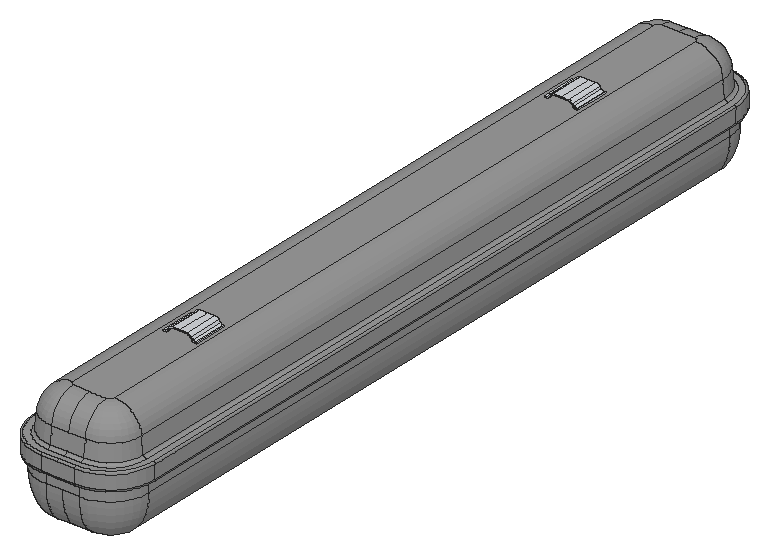
Revit family "63_UN_Lightline_WDO L650_Norton", category Lighting Fixtures, Revit 2019
Family settings
  Round Connector Dimension = Use Diameter
  Part Type = Normal
  OmniClass Number = 23.80.70.11.14.11
  OmniClass Title = Downlights
  Work Plane-Based = No
  Always vertical = Yes
  Cut with Voids When Loaded = No
  Light Source = Yes
  Shared = No
  Room Calculation Point = Yes
Parameters (values of type "WDO 84 1 2000 650")
  calc_length = Length - 40 mm  # 625 mm
  Wattage Comments = "16W"
  Wattage = 13.4642 W
  built-in parameter 1150110 = 1 (stored number, unit not read)
  Voltage = 230 V
  URL = "https://www.ivlibrary.com/"
  Type Comments = "L600"
  built-in parameter 1114217 = 1 (stored number, unit not read)
  Tilt Angle = 90.00°
  built-in parameter 1150109 = 1 (stored number, unit not read)
  built-in parameter 1150134 = 3
  Symbol_ToScale [instance] = not(Symbol_RealSize)  # yes
  Symbol_Size = Length / 100  # 6.65 mm
  Symbol_RealSize [instance] = no
  Switch Code [instance] = ""
  built-in parameter 1150113 = 1 (stored number, unit not read)
  Photometric Web File = "WDO8412000650_LDT.ies"
  Model = "WDO"
  Manufacturer = "Norton"
  built-in parameter 1150105 = 275.13 (stored number, unit not read)
  Luminous Flux (lm) = 2000 lm
  Lumens = 2000 lm
  built-in parameter 1150115 = 1 (stored number, unit not read)
  Luminaire Code [instance] = ""
  built-in parameter 1150137 = (empty or 0)
  built-in parameter 1150139 = (empty or 0)
  Length = 665 mm
  built-in parameter 1150112 = 1 (stored number, unit not read)
  built-in parameter 1150114 = 1 (stored number, unit not read)
  Lamp = "LED"
  built-in parameter 1150132 = 2
  built-in parameter 1150102 = (empty or 0)
  built-in parameter 1150107 = 3200 (stored number, unit not read)
  built-in parameter 1150138 = (empty or 0)
  built-in parameter 1150106 = 2.7513 (stored number, unit not read)
  IfcExportType = "USERDEFINED"
  IfcExportAs = "IfcLightFixtureType"
  IP Value = "IP66"
  IK Value = "IK08"
  Housing_Material = Laminate, White
  Emit from Rectangle Width = calc_length  # 625 mm
  Emit from Rectangle Length = 90 mm
  Emit Shape Visible in Rendering = no
  built-in parameter 1150104 = 13.8 (stored number, unit not read)
  Dimming Lamp Color Temperature Shift = <None>
  Description = ""
  Content Creator® = "www.ivlibrary.com"
  Color Filter = 16777215
  Bracket_Distance = 390 mm
  built-in parameter 1114218 = 1 (stored number, unit not read)
  built-in parameter 1150133 = 10 (stored number, unit not read)
  Assembly Code = "63.0"
  Apparent Load = 16 VA
Types (2, lengths in mm): name | Wattage Comments | Wattage | Tilt Angle | Photometric Web File | Luminous Flux (lm) | Lumens | Emit from Rectangle Length | Apparent Load
  WDO 84 1 1200 650 | "8W" | 8.41513 W | 60.00° | "WDO8411200650_LDT.ies" | 1250 lm | 1250 lm | 1219.2 | 8 VA
  WDO 84 1 2000 650 | "16W" | 13.4642 W | 90.00° | "WDO8412000650_LDT.ies" | 2000 lm | 2000 lm | 90 | 16 VA
Reference planes
  plane 1 "Center (Front/Back)": y = 0
  plane 2: z = 0
  plane 3 "Center (Left/Right)": x = 0
  plane 4: y = 312.5
  plane 5: y = -312.5
  plane 6: y = -328.692
  plane 7: y = 328.5
  plane 8: y = -195
  plane 9: y = 195
Forms (mm)
  Sweep 1, solid, material "Laminate, White" <- "Housing_Material"
    path origin (-26.25, 0, 0) x (1, 0, 0) y (0, 1, 0)
      loop
        line (26.25, -312.5) -> (40, -312.5)
        arc (40, -312.5) -> (50.607, -308.107) -> (55, -297.5) r 15
        line (55, -297.5) -> (55, 297.5)
        arc (55, 297.5) -> (50.607, 308.107) -> (40, 312.5) r 15
        line (40, 312.5) -> (26.25, 312.5)
    profile origin (28.75, 0, 0) x (-1, 0, 0) y (0, 0, 1)
      loop
        line (13.75, -55) -> (13.75, -5) -> (11.564, -5)
        arc (11.564, -5) -> (-3.391, -10.765) -> (-10.607, -25.076) r 22.28
        line (-10.607, -25.076) -> (-11.924, -38.327)
        arc (-11.924, -38.327) -> (-12.75, -39.965) -> (-14.462, -40.625) r 2.551
        line (-14.462, -40.625) -> (-19.75, -40.625)
        arc (-19.75, -40.625) -> (-20.811, -41.064) -> (-21.25, -42.125) r 1.5
        line (-21.25, -42.125) -> (-21.25, -53.5)
        arc (-21.25, -53.5) -> (-20.811, -54.561) -> (-19.75, -55) r 1.5
        line (-19.75, -55) -> (13.75, -55)
  Sweep 2, solid, material "Laminate, White" <- "Housing_Material"
    path origin (26.25, 0, 0) x (-1, 0, 0) y (0, 1, 0)
      loop
        line (26.25, -312.5) -> (40, -312.5)
        arc (40, -312.5) -> (50.607, -308.107) -> (55, -297.5) r 15
        line (55, -297.5) -> (55, 297.5)
        arc (55, 297.5) -> (50.607, 308.107) -> (40, 312.5) r 15
        line (40, 312.5) -> (26.25, 312.5)
    profile origin (-28.75, 0, 0) x (-1, 0, 0) y (0, 0, 1)
      loop
        line (-14.225, -55) -> (19.75, -55)
        arc (19.75, -55) -> (20.811, -54.561) -> (21.25, -53.5) r 1.5
        line (21.25, -53.5) -> (21.25, -42.125)
        arc (21.25, -42.125) -> (20.811, -41.064) -> (19.75, -40.625) r 1.5
        line (19.75, -40.625) -> (14.462, -40.625)
        arc (14.462, -40.625) -> (12.75, -39.965) -> (11.924, -38.327) r 2.551
        line (11.924, -38.327) -> (10.607, -25.076)
        arc (10.607, -25.076) -> (3.391, -10.765) -> (-11.564, -5) r 22.28
        line (-11.564, -5) -> (-14.225, -5) -> (-14.225, -55)
  Sweep 3, solid, material "Glass, White, High Luminance"
    path origin (0, 0, 0) x (1, 0, 0) y (0, 1, 0)
      loop
        arc (-44.95, -297.492) -> (-35.812, -319.554) -> (-13.75, -328.692) r 31.2
        line (-13.75, -328.692) -> (0, -328.692) -> (13.75, -328.692)
        arc (13.75, -328.692) -> (35.812, -319.554) -> (44.95, -297.492) r 31.2
        line (44.95, -297.492) -> (44.95, 297.3)
        arc (44.95, 297.3) -> (35.812, 319.362) -> (13.75, 328.5) r 31.2
        line (13.75, 328.5) -> (0, 328.5) -> (-13.75, 328.5)
        arc (-13.75, 328.5) -> (-35.812, 319.362) -> (-44.95, 297.3) r 31.2
        line (-44.95, 297.3) -> (-44.95, -297.492)
    profile origin (-44.95, -0.096, 0) x (-1, 0, 0) y (0, 0, 1)
      loop
        line (0, -65) -> (0, -55) -> (-30.425, -55) -> (-30.425, -99.972) -> (-28.319, -99.972)
        spline (-28.319, -99.972) -> (-22.316, -99.519) -> (-17.22, -98.236) -> (-12.957, -96.239) -> (-9.455, -93.641) -> (-6.64, -90.557) -> (-4.438, -87.103) -> (-2.776, -83.392) -> (-1.581, -79.539) -> (-0.779, -75.658) -> (-0.297, -71.865) -> (-0.062, -68.274) -> (0, -65)
  Extrusion 4, solid, material "Laminate, White" <- "Housing_Material"
    sketch origin (0, 0, 0) x (1, 0, 0) y (0, 1, 0)
      loop
        line (-14.525, 298.75) -> (-14.525, -298.75) -> (15, -298.75) -> (15, 298.75) -> (-14.525, 298.75)
    from -5 to -55
  Extrusion 5, solid, material "Glass, White, High Luminance"
    sketch origin (0, 0, 0) x (1, 0, 0) y (0, 1, 0)
      loop
        line (-14.525, 298.075) -> (-14.525, -298.267) -> (14.525, -298.267) -> (14.525, 298.075) -> (-14.525, 298.075)
    from -55 to -99.972
Cuts and joins
  joined: Sweep 1, Sweep 2, Extrusion 4
  joined: Sweep 3, Extrusion 5
Lines and regions (mm)
  symbolic lines, visible <- "Symbol_RealSize"
    curve 1: line (-49.402, 332.5, 0) -> (50.598, 332.5, 0)
    curve 2: line (-49.402, -332.5, 0) -> (-49.402, 332.5, 0)
    curve 3: line (50.598, -332.5, 0) -> (-49.402, -332.5, 0)
    curve 4: line (50.598, 332.5, 0) -> (50.598, -332.5, 0)
Dimensions and locks
  "calc_length": plane 4 to plane 5
  equal spacing: plane 4, plane 1 "Center (Front/Back)", plane 5
  locked: plane 5 to plane 6 at 16.192
  locked: plane 7 to plane 4 at 16
  locked: Sweep 3 to plane 5 at 14.233
  locked: plane 4 to Extrusion 4 sketch curve at 13.75
  locked: Extrusion 5 sketch curve to plane 5 at 14.233
  locked: plane 4 to Extrusion 5 sketch curve at 14.425
  equal spacing: plane 8, plane 1 "Center (Front/Back)", plane 9
  "Bracket_Distance": plane 8 to plane 9
  equal spacing: curve 1, plane 1 "Center (Front/Back)", curve 3
  "Length": curve 3 to curve 1
  aligned and locked: level to plane 2
  aligned and locked: plane 4 to Sweep 2 sketch curve
  aligned and locked: plane 5 to Sweep 2 sketch curve
  aligned and locked: Sweep 1 sketch curve to plane 4
  aligned and locked: Sweep 1 sketch curve to plane 5
  aligned and locked: plane 6 to Sweep 3 sketch curve
  aligned and locked: plane 7 to Sweep 3 sketch curve  (x2)
  aligned and locked: plane 8 to nested 1
  aligned and locked: plane 9 to nested 2
Automatic sketch dimensions
  Extrusion 5 sketch curve to plane 3 "Center (Left/Right)" = 14.525 mm
  plane 3 "Center (Left/Right)" to Extrusion 5 sketch curve = 14.525 mm
  Sweep 1 sketch curve to plane 3 "Center (Left/Right)" = 0 mm  (x2)
  plane 3 "Center (Left/Right)" to Sweep 1 sketch curve = 13.75 mm  (x2)
  Sweep 1 sketch curve to plane 4 = 15 mm
  profile plane to Sweep 1 sketch curve = 21.25 mm
  Sweep 1 sketch curve to Sweep 1 sketch curve = 1.5 mm  (x2)
  Sweep 1 sketch curve to Sweep 1 sketch curve = 5.288 mm
  Sweep 1 sketch curve to Sweep 1 sketch curve = 2.538 mm
  profile plane to Sweep 1 sketch curve = 10.607 mm
  Sweep 1 sketch curve to level = 5 mm
  Sweep 1 sketch curve to profile plane = 11.564 mm
  Sweep 1 sketch curve to Sweep 1 sketch curve = 2.186 mm
  Sweep 1 sketch curve to level = 25.076 mm
  Sweep 1 sketch curve to Sweep 1 sketch curve = 12.998 mm
  Sweep 1 sketch curve to Sweep 1 sketch curve = 0.252 mm
  Sweep 1 sketch curve to Sweep 1 sketch curve = 11.375 mm
  Sweep 2 sketch curve to plane 3 "Center (Left/Right)" = 0 mm  (x2)
  plane 3 "Center (Left/Right)" to Sweep 2 sketch curve = 13.75 mm  (x2)
  plane 4 to Sweep 2 sketch curve = 15 mm
  profile plane to Sweep 2 sketch curve = 14.225 mm
  profile plane to Sweep 2 sketch curve = 11.564 mm
  Sweep 2 sketch curve to profile plane = 10.607 mm
  Sweep 2 sketch curve to profile plane = 11.924 mm
  Sweep 2 sketch curve to Sweep 2 sketch curve = 2.538 mm
  Sweep 2 sketch curve to Sweep 2 sketch curve = 5.288 mm  (x2)
  Sweep 2 sketch curve to Sweep 2 sketch curve = 1.5 mm
  Sweep 2 sketch curve to level = 55 mm
  Sweep 2 sketch curve to Sweep 2 sketch curve = 11.375 mm
  Sweep 2 sketch curve to Sweep 2 sketch curve = 2.298 mm
  Sweep 2 sketch curve to Sweep 2 sketch curve = 11.047 mm
  Sweep 2 sketch curve to Sweep 2 sketch curve = 13.25 mm
  Sweep 3 sketch curve to plane 3 "Center (Left/Right)" = 0 mm  (x2)
  Sweep 3 sketch curve to plane 3 "Center (Left/Right)" = 13.75 mm  (x2)
  Sweep 3 sketch curve to plane 4 = 15.2 mm  (x2)
  plane 3 "Center (Left/Right)" to Sweep 3 sketch curve = 13.75 mm  (x2)
  Sweep 3 sketch curve to profile plane = 0 mm
  profile plane to Sweep 3 sketch curve = 28.319 mm
  Sweep 3 sketch curve to Sweep 3 sketch curve = 2.106 mm
  Sweep 3 sketch curve to level = 99.972 mm
  Sweep 3 sketch curve to Sweep 3 sketch curve = 34.972 mm
  Sweep 3 sketch curve to Sweep 3 sketch curve = 10 mm
  Extrusion 4 sketch curve to plane 3 "Center (Left/Right)" = 14.525 mm
  plane 3 "Center (Left/Right)" to Extrusion 4 sketch curve = 15 mm
  plane 5 to Extrusion 4 sketch curve = 13.75 mm
  curve 2 to plane 3 "Center (Left/Right)" = 49.402 mm
  plane 3 "Center (Left/Right)" to curve 1 = 50.598 mm
Nested families
  nested 1: "norton bracket" at (0, -195, 0) x (-1, 0, 0) z (0, 0, 1), type "norton bracket"
  nested 2: "norton bracket" at (0, 195, 0), type "norton bracket"
  nested 3: "Lightline Symbol" at (0, 0, 0), Length <- "Symbol_Size", visible <- "Symbol_ToScale", type "symbol"
    with Length 6.65 mm
Connectors
  electrical at (0, 0, 0), driven by "Voltage", driven by "Apparent Load"
    settings: index 1, voltage 230 V, apparent load 0 VA, apparent load phase1 16 VA, apparent load phase2 0 VA, apparent load phase3 0 VA, power factor 1, load classification "Lighting", number of poles 1, system type 31, power factor state 1, is connector primary yes, connector utility no, sub classification motor no, connector description ""
Definition of nested family "norton bracket"
  Reference planes
    plane 1: y = 0
    plane 2: z = 0
    plane 3: x = 0
    plane 4 "Center (Left/Right)": x = 0
  Forms (mm)
    Extrusion 1, solid
      sketch origin (0, 14.135, 0) x (1, 0, 0) y (0, 0, -1)
        loop
          line (0, 0) -> (6.136, 0)
          arc (6.136, 0) -> (8.007, 0.491) -> (9.396, 1.837) r 3.81
          line (9.396, 1.837) -> (10.271, 3.284)
          arc (10.271, 3.284) -> (11.163, 4.149) -> (12.365, 4.464) r 2.447
          line (12.365, 4.464) -> (13.658, 4.464) -> (13.658, 5.264) -> (12.365, 5.264)
          arc (12.365, 5.264) -> (10.77, 4.846) -> (9.587, 3.698) r 3.247
          line (9.587, 3.698) -> (8.753, 2.321)
          arc (8.753, 2.321) -> (7.656, 1.258) -> (6.178, 0.87) r 3.01
          line (6.178, 0.87) -> (0, 0.87) -> (-6.178, 0.87)
          arc (-6.178, 0.87) -> (-7.656, 1.258) -> (-8.753, 2.321) r 3.01
          line (-8.753, 2.321) -> (-9.587, 3.698)
          arc (-9.587, 3.698) -> (-10.77, 4.846) -> (-12.365, 5.264) r 3.247
          line (-12.365, 5.264) -> (-13.658, 5.264) -> (-13.658, 4.464) -> (-12.365, 4.464)
          arc (-12.365, 4.464) -> (-11.163, 4.149) -> (-10.271, 3.284) r 2.447
          line (-10.271, 3.284) -> (-9.396, 1.837)
          arc (-9.396, 1.837) -> (-8.007, 0.491) -> (-6.136, 0) r 3.81
          line (-6.136, 0) -> (0, 0)
      from 0 to -28.271
  Automatic sketch dimensions
    Extrusion 1 sketch curve to Extrusion 1 sketch curve = 0 mm  (x8)
    Extrusion 1 sketch curve to Extrusion 1 sketch curve = 6.136 mm  (x2)
    Extrusion 1 sketch curve to Extrusion 1 sketch curve = 0.871 mm  (x2)
    Extrusion 1 sketch curve to Extrusion 1 sketch curve = 2.956 mm  (x2)
    Extrusion 1 sketch curve to Extrusion 1 sketch curve = 0.804 mm  (x4)
    Extrusion 1 sketch curve to Extrusion 1 sketch curve = 1.61 mm  (x2)
    Extrusion 1 sketch curve to Extrusion 1 sketch curve = 0.8 mm  (x4)
    Extrusion 1 sketch curve to Extrusion 1 sketch curve = 2.447 mm
    Extrusion 1 sketch curve to Extrusion 1 sketch curve = 1.293 mm  (x2)
    Extrusion 1 sketch curve to Extrusion 1 sketch curve = 2.403 mm
    Extrusion 1 sketch curve to Extrusion 1 sketch curve = 0.87 mm  (x2)
    Extrusion 1 sketch curve to Extrusion 1 sketch curve = 3.36 mm  (x2)
    Extrusion 1 sketch curve to Extrusion 1 sketch curve = 2.975 mm  (x2)
    Extrusion 1 sketch curve to Extrusion 1 sketch curve = 1.691 mm  (x2)
Definition of nested family "Lightline Symbol"
  Parameters (values of type "Family2")
    Length [instance] = 6.7 mm
  Reference planes
    plane 1: y = 0
    plane 2: x = 0
  Lines and regions (mm)
    detail lines
      curve 1: line (0.5, 3.35, 0) -> (-0.5, 3.35, 0)
      curve 2: line (0.5, -3.35, 0) -> (0.5, 3.35, 0)
      curve 3: line (-0.5, -3.35, 0) -> (0.5, -3.35, 0)
      curve 4: line (-0.5, 3.35, 0) -> (-0.5, -3.35, 0)
  Dimensions and locks
    "Length": curve 1 to curve 3
    equal spacing: curve 1, plane 1, curve 3
  Automatic sketch dimensions
    curve 1 to plane 2 = 0.5 mm
    plane 2 to curve 3 = 0.5 mm
